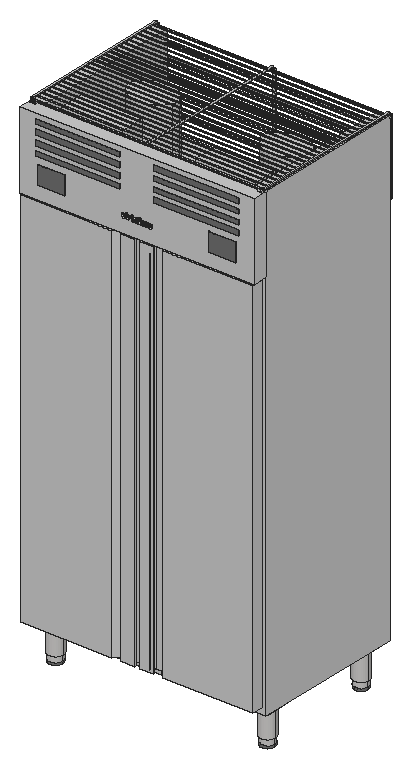
Revit family "QF_INFRICO_AGN602MX_250814110024", category Specialty Equipment, Revit 2021
Family settings
  Round Connector Dimension = Use Diameter
  Part Type = Normal
  OmniClass Number = 23.40.40.14
  OmniClass Title = Food Service Equipment
  Work Plane-Based = No
  Always vertical = Yes
  Cut with Voids When Loaded = No
  Shared = No
  Room Calculation Point = No
Parameters (values of type "AGN602MX")
  Weight [instance] = 0.00 kg
  Waste Water Discharge Temperature [instance] = 0 °C
  Waste Remarks [instance] = ""
  Warranty Start Date [instance] = ""
  Warranty Duration [instance] = ""
  Volts [instance] = 230 V
  Volt Free Conn [instance] = no
  URL Recommended Spares List [instance] = ""
  URL Manufacturer [instance] = ""
  URL Cutsheet [instance] = ""
  URL Critical Spares List [instance] = ""
  URL = "www.infrico.com"
  Technical Documentation [instance] = ""
  Tag Number [instance] = ""
  Status [instance] = ""
  Start Up Current [instance] = 0 A
  Specification by User [instance] = ""
  Specification by Manufacturer [instance] = ""
  Sound Level [instance] = ""
  Show Logo [instance] = yes
  Show Clearances [instance] = yes
  Service Life Duration [instance] = ""
  Serial Number [instance] = ""
  Seismic Rating [instance] = ""
  SMACNA No [instance] = ""
  Revision Code [instance] = ""
  Revision [instance] = ""
  Production Year [instance] = ""
  Potential Equalisation [instance] = no
  Point Load [instance] = 0
  Plumbing Connection Type [instance] = ""
  Phase [instance] = 1
  Other Equipment Approvals [instance] = ""
  Operational Current [instance] = 0 A
  Number of Poles [instance] = 2
  No Load Power Draw [instance] = no
  NAFEM Spec ID Number [instance] = ""
  Model Warning [instance] = ""
  Model = "AGN602MX"
  Min Ckt Ampacity [instance] = 0 A
  Max Overcurrent Protection [instance] = 0 A
  Masterspec [instance] = ""
  Manufacturer = "INFRICO"
  Main switch integrated [instance] = no
  Length Actual [instance] = 974 mm
  Item Number [instance] = ""
  Installed By [instance] = ""
  Installation Date [instance] = ""
  Indirect Waste Size [instance] = 19.05 mm
  Indirect Waste Remarks [instance] = ""
  Indirect Waste Flow [instance] = 0.0 L/s
  Indirect Waste Connection Type [instance] = ""
  Indirect Waste Connection Height [instance] = 0 mm
  Identify Quantity as Lot [instance] = no
  ID [instance] = ""
  Hygiene Approval [instance] = ""
  Height Actual [instance] = 2100 mm
  HP power [instance] = ""
  Furnished By [instance] = ""
  Foodservice Equipment Identifier [instance] = no
  FL Amps [instance] = 0 A
  Electrical Remarks [instance] = ""
  Electric power [instance] = 680 W
  Electric Connection Type [instance] = ""
  Elec Conn RI Height [instance] = 0 mm
  Elec Conn Connection Height [instance] = 0 mm
  ETL Approved [instance] = no
  Direct Waste Water Discharge Temperature [instance] = -273.15 °C
  Direct Waste Size [instance] = 19.05 mm
  Direct Waste RI Height [instance] = 0 mm
  Direct Waste Flow [instance] = 0.0 L/s
  Direct Waste Connection Height [instance] = 0 mm
  Description = "GN 1/1 REFRIGERATOR AND FREEZER REACH IN 300/600 - TWO DOORS - R134A-R290"
  Depth Actual [instance] = 695 mm
  Default Elevation = 0 mm
  Cycle [instance] = 50 Hz
  Cost = 0
  Connection to energy optimisation system [instance] = yes
  Conn Plug [instance] = ""
  Conn Conduit [instance] = no
  Centralized building control system with digital interface [instance] = ""
  CSI MasterFormat [instance] = ""
  CE Approved [instance] = no
  Barcode [instance] = 0
  Author [instance] = ""
  Asset Identifier [instance] = ""
  Apparent Power [instance] = 680 VA
  Accessory [instance] = no
Reference planes
  plane 1 "Center (Front/Back)": y = 0
  plane 2: z = 0
  plane 3 "Center (Left/Right)": x = 0
Forms (mm)
  Extrusion 1, solid, not visible
    sketch origin (487.024, -93.905, 152.007) x (1, 0, 0) y (0, 1, 0)
      loop
        line (-2, 2) -> (-2, -2) -> (2, -2) -> (2, 2) -> (-2, 2)
    from -2 to 2
  Extrusion 2, solid, not visible
    sketch origin (100.005, -89.004, 1770.086) x (1, 0, 0) y (0, 1, 0)
      loop
        line (-2, 2) -> (-2, -2) -> (2, -2) -> (2, 2) -> (-2, 2)
    from -2 to 2
Dimensions and locks
  locked: nested 2 to Extrusion 1 at 2  (x2)
  locked: Extrusion 2 to nested 3
  locked: nested 3 to Extrusion 2 at 2
  aligned and locked: level to plane 2
Nested families
  nested 1: "QF_INFRICO_AGN602MX_2920" at (0, 0, 150), type "AGN602MX"
    with Weight 0.00 kg, Warranty Start Date "", Warranty Duration "", URL Cutsheet "", Technical Documentation "", Tag Number "", Status "", Specification by User "", Specification by Manufacturer "", Sound Level "", Solid Fuel Type "", Show Logo yes, Show Clearances yes, Show Clearance yes, Service Life Duration "", Serial Number "", Seismic Rating "", SMACNA No "", Revision Code "", Revision "", Production Year "", Point Load 0, Other Equipment Approvals "", NAFEM Spec ID Number "", Model Warning "", Masterspec "", Length Actual 974 mm, Item Number "", Installed By "", Installation Date "", Identify Quantity as Lot yes, ID "", Hygiene Approval "", Height Actual 2100 mm, Furnished By "", Foodservice Equipment Identifier yes, ETL Approved yes, Depth Actual 695 mm, CSI MasterFormat "", CE Approved no, Barcode "", Author "", Asset Identifier "", Accessory no
  nested 2: "CONN_POINT_DRAIN_2D___Generic_Annotation" at (487.024, -93.905, 150.007), type "CONN_POINT_DRAIN_2D___Generic_Annotation"
    with Onboard connection annotation symbol visibility yes
  nested 3: "CONN_POINT_ELE_2D___Generic_Annotation" at (100.005, -87.004, 1770.086), type "CONN_POINT_ELE_2D___Generic_Annotation"
    with Onboard connection annotation symbol visibility yes
  nested 4: "QF_INFRICO_LEGS_REACH_INS_4682" at (0, 0, 0), type "LEGS_974_640"
    with Weight 0.00 kg, Warranty Start Date "", Warranty Duration "", URL Cutsheet "", Technical Documentation "", Tag Number "", Status "", Specification by User "", Specification by Manufacturer "", Sound Level "", Solid Fuel Type "", Show Logo yes, Show Clearances yes, Service Life Duration "", Serial Number "", Seismic Rating "", SMACNA No "", Revision Code "", Revision "", Production Year "", Point Load 0, Other Equipment Approvals "", NAFEM Spec ID Number "", Model Warning "", Masterspec "", Length Actual 974 mm, Item Number "", Installed By "", Installation Date "", Identify Quantity as Lot yes, ID "", Hygiene Approval "", Height Actual 150 mm, Furnished By "", Foodservice Equipment Identifier yes, ETL Approved yes, Depth Actual 640 mm, CSI MasterFormat "", CE Approved no, Barcode "", Author "", Asset Identifier "", Accessory yes
Connectors
  piping at (487.024, -93.905, 150.007), diameter 19.05, driven by "Indirect Waste Size", driven by "Direct Waste Flow"
    settings: on Extrusion 1, index 1, connector inside diameter 609.6 mm, connector length 0 mm, flow factor 0, pipe flow 0.0 L/s, pressure drop 0.0 Pa, fitting loss kfactor 0, connector angle 0.00°, fixture units 0, engagement length 0 mm, angle of deflection 0.00°, flow configuration 1, flow direction 2, fitting loss method 0, system type 16, joint type 0, gender type 0, connector reference index -1, connector utility 0, adjustable connector no, is connector primary yes, connector description "Waste connection for AGN602MX"
  electrical at (100.005, -87.004, 1770.086), driven by "Apparent Power", driven by "Number of Poles", driven by "Volts"
    settings: on Extrusion 2, index 2, voltage 230 V, apparent load 0 VA, apparent load phase1 680 VA, apparent load phase2 0 VA, apparent load phase3 0 VA, power factor 1, load classification "Other", number of poles 2, system type 31, power factor state 1, is connector primary yes, connector utility no, sub classification motor no, connector description "Electrical connection for AGN602MX"
Definition of nested family "QF_INFRICO_AGN602MX_2920"
  Parameters (values of type "AGN602MX")
    Weight [instance] = 0.00 kg
    Warranty Start Date [instance] = ""
    Warranty Duration [instance] = ""
    URL Cutsheet [instance] = ""
    URL = "www.infrico.com"
    Technical Documentation [instance] = ""
    Tag Number [instance] = ""
    Status [instance] = ""
    Specification by User [instance] = ""
    Specification by Manufacturer [instance] = ""
    Sound Level [instance] = ""
    Solid Fuel Type [instance] = ""
    Show Logo [instance] = yes
    Show Clearances [instance] = yes
    Show Clearance [instance] = yes
    Service Life Duration [instance] = ""
    Serial Number [instance] = ""
    Seismic Rating [instance] = ""
    SMACNA No [instance] = ""
    Revision Code [instance] = ""
    Revision [instance] = ""
    Production Year [instance] = ""
    Point Load [instance] = 0
    Other Equipment Approvals [instance] = ""
    NAFEM Spec ID Number [instance] = ""
    Model Warning [instance] = ""
    Model = "AGN602MX"
    Masterspec [instance] = ""
    Manufacturer = "INFRICO"
    Length Actual [instance] = 0 mm
    Item Number [instance] = ""
    Installed By [instance] = ""
    Installation Date [instance] = ""
    Identify Quantity as Lot [instance] = yes
    ID [instance] = ""
    Hygiene Approval [instance] = ""
    Height Actual [instance] = 0 mm
    Furnished By [instance] = ""
    Foodservice Equipment Identifier [instance] = yes
    ETL Approved [instance] = yes
    Description = "GN 1/1 REFRIGERATOR AND FREEZER REACH IN 300/600 - TWO DOORS - R134A-R290 REFRIGERANT"
    Depth Actual [instance] = 0 mm
    Default Elevation = 0 mm
    CSI MasterFormat [instance] = ""
    CE Approved [instance] = yes
    Barcode [instance] = ""
    Author [instance] = ""
    Asset Identifier [instance] = ""
    Assembly Code = "E1090320"
    Accessory [instance] = yes
  Reference planes
    plane 1 "Back": y = 0
    plane 2: z = 0
    plane 3 "Left": x = 0
    plane 4 "Right": x = 974
    plane 5 "Front": y = -700
    plane 6 "Top": z = 1950
  Forms (mm)
    Extrusion 1, solid
      sketch origin (0, 16, -334) x (0, 1, 0) y (0, 0, 1)
        loop
          line (-16, 334) -> (-16, 1597) -> (-656, 1597) -> (-656, 334) -> (-16, 334)
      from 50 to 924
    Extrusion 2, solid
      sketch origin (0, -95, 1700) x (1, 0, 0) y (0, 1, 0)
        loop
          line (0, -545) -> (0, -605) -> (974, -605) -> (974, -545) -> (971.5, -545) -> (971.5, -558) -> (949, -558) -> (949, -545) -> (25, -545) -> (25, -558) -> (2.5, -558) -> (2.5, -545) -> (0, -545)
      from -68 to 250
    Extrusion 3, solid, visible <- "Show Logo"
      sketch origin (-1126.614, -699, 992.462) x (1, 0, 0) y (0, 0, 1)
        loop
          line (1596.972, 696.53) -> (1596.972, 719.204) -> (1592.346, 719.204) -> (1592.346, 696.53) -> (1596.972, 696.53)
        loop
          line (1602.951, 713.006) -> (1599.456, 713.006) -> (1599.456, 696.53) -> (1603.945, 696.53) -> (1603.945, 707.832)
          arc (1603.945, 707.832) -> (1605.7, 708.741) -> (1607.59, 709.324) r 11.052
          arc (1607.59, 709.324) -> (1609.101, 708.961) -> (1609.771, 707.557) r 1.806
          line (1609.771, 707.557) -> (1609.771, 696.53) -> (1614.294, 696.53) -> (1614.294, 708.689)
          arc (1614.294, 708.689) -> (1612.81, 712.075) -> (1609.314, 713.281) r 4.607
          arc (1609.314, 713.281) -> (1606.455, 712.674) -> (1603.842, 711.361) r 11.435
          line (1603.842, 711.361) -> (1603.774, 712.184)
          arc (1603.774, 712.184) -> (1603.533, 712.765) -> (1602.951, 713.006) r 0.822
        loop
          line (1626.73, 720.102) -> (1625.478, 720.102)
          arc (1625.478, 720.102) -> (1623.225, 719.926) -> (1621.053, 719.297) r 11.103
          arc (1621.053, 719.297) -> (1618.978, 717.616) -> (1618.197, 715.062) r 4.567
          line (1618.197, 715.062) -> (1618.197, 712.909) -> (1615.524, 712.703) -> (1615.524, 709.374) -> (1618.197, 709.374) -> (1618.197, 696.53) -> (1622.72, 696.53) -> (1622.72, 709.374) -> (1626.421, 709.374) -> (1626.421, 712.938) -> (1622.72, 712.938) -> (1622.72, 714.548)
          arc (1622.72, 714.548) -> (1623.129, 715.705) -> (1624.218, 716.271) r 1.67
          line (1624.218, 716.271) -> (1625.873, 716.399)
          arc (1625.873, 716.399) -> (1626.479, 716.65) -> (1626.73, 717.255) r 0.857
          line (1626.73, 717.255) -> (1626.73, 720.102)
        loop
          line (1627.651, 713.006) -> (1627.651, 696.53) -> (1632.141, 696.53) -> (1632.141, 707.352)
          arc (1632.141, 707.352) -> (1634.046, 708.631) -> (1636.25, 709.268) r 7.435
          line (1636.25, 709.268) -> (1637.414, 709.416)
          arc (1637.414, 709.416) -> (1637.816, 709.758) -> (1637.966, 710.265) r 0.928
          line (1637.966, 710.265) -> (1637.966, 712.458)
          arc (1637.966, 712.458) -> (1637.704, 713.061) -> (1637.085, 713.28) r 0.824
          arc (1637.085, 713.28) -> (1634.37, 712.588) -> (1632.072, 710.984) r 7.833
          line (1632.072, 710.984) -> (1631.899, 713.006) -> (1627.651, 713.006)
        loop
          line (1643.668, 696.53) -> (1643.668, 713.006) -> (1639.179, 713.006) -> (1639.179, 696.53) -> (1643.668, 696.53)
        loop
          arc (1645.594, 701.327) -> (1646.74, 698.188) -> (1649.639, 696.525) r 4.873
          arc (1649.639, 696.525) -> (1652.666, 696.266) -> (1655.694, 696.525) r 17.816
          arc (1655.694, 696.525) -> (1658.747, 699.134) -> (1659.678, 703.041) r 6.481
          line (1659.678, 703.041) -> (1655.36, 703.041) -> (1655.36, 701.67)
          arc (1655.36, 701.67) -> (1654.813, 700.452) -> (1653.615, 699.865) r 1.965
          arc (1653.615, 699.865) -> (1652.72, 699.816) -> (1651.826, 699.865) r 8.196
          arc (1651.826, 699.865) -> (1650.59, 700.415) -> (1650.083, 701.67) r 1.806
          line (1650.083, 701.67) -> (1650.083, 707.9)
          arc (1650.083, 707.9) -> (1650.59, 709.155) -> (1651.826, 709.705) r 1.806
          arc (1651.826, 709.705) -> (1652.72, 709.754) -> (1653.615, 709.705) r 8.196
          arc (1653.615, 709.705) -> (1654.813, 709.118) -> (1655.36, 707.9) r 1.965
          line (1655.36, 707.9) -> (1655.36, 706.838) -> (1659.678, 706.838)
          arc (1659.678, 706.838) -> (1658.696, 710.556) -> (1655.694, 712.959) r 6.132
          arc (1655.694, 712.959) -> (1652.666, 713.294) -> (1649.639, 712.959) r 13.851
          arc (1649.639, 712.959) -> (1646.743, 711.349) -> (1645.594, 708.243) r 4.772
          line (1645.594, 708.243) -> (1645.594, 701.327)
        loop
          arc (1661.089, 701.329) -> (1662.165, 698.345) -> (1664.899, 696.734) r 4.676
          arc (1664.899, 696.734) -> (1666.688, 696.455) -> (1668.491, 696.291) r 28.371
          arc (1668.491, 696.291) -> (1670.295, 696.455) -> (1672.084, 696.734) r 28.371
          arc (1672.084, 696.734) -> (1674.817, 698.345) -> (1675.893, 701.329) r 4.676
          line (1675.893, 701.329) -> (1675.893, 708.242)
          arc (1675.893, 708.242) -> (1674.817, 711.226) -> (1672.084, 712.837) r 4.676
          arc (1672.084, 712.837) -> (1670.295, 713.116) -> (1668.491, 713.28) r 28.371
          arc (1668.491, 713.28) -> (1666.688, 713.116) -> (1664.899, 712.837) r 28.371
          arc (1664.899, 712.837) -> (1662.165, 711.226) -> (1661.089, 708.242) r 4.676
          line (1661.089, 708.242) -> (1661.089, 701.329)
        loop
          line (1665.578, 707.866) -> (1665.578, 701.705)
          arc (1665.578, 701.705) -> (1666.017, 700.556) -> (1667.109, 699.991) r 1.725
          arc (1667.109, 699.991) -> (1667.799, 699.918) -> (1668.491, 699.856) r 46.133
          arc (1668.491, 699.856) -> (1669.183, 699.918) -> (1669.874, 699.991) r 46.133
          arc (1669.874, 699.991) -> (1670.966, 700.556) -> (1671.404, 701.705) r 1.725
          line (1671.404, 701.705) -> (1671.404, 707.866)
          arc (1671.404, 707.866) -> (1670.966, 709.015) -> (1669.874, 709.58) r 1.725
          arc (1669.874, 709.58) -> (1669.183, 709.653) -> (1668.491, 709.716) r 46.133
          arc (1668.491, 709.716) -> (1667.799, 709.653) -> (1667.109, 709.58) r 46.133
          arc (1667.109, 709.58) -> (1666.017, 709.015) -> (1665.578, 707.866) r 1.725
        loop
          arc (1578.512, 696.543) -> (1579.584, 696.987) -> (1580.028, 698.059) r 1.516
          line (1580.028, 698.059) -> (1580.028, 703.891) -> (1584.208, 703.891)
          arc (1584.208, 703.891) -> (1584.962, 704.121) -> (1585.391, 704.782) r 1.147
          line (1585.391, 704.782) -> (1585.391, 706.211)
          arc (1585.391, 706.211) -> (1584.96, 707.258) -> (1583.892, 707.634) r 1.385
          line (1583.892, 707.634) -> (1582.693, 707.634) -> (1585.391, 710.332)
          arc (1585.391, 710.332) -> (1585.778, 711.266) -> (1585.391, 712.2) r 1.321
          line (1585.391, 712.2) -> (1584.668, 712.923)
          arc (1584.668, 712.923) -> (1583.713, 713.338) -> (1582.731, 712.991) r 1.422
          line (1582.731, 712.991) -> (1580.026, 710.286) -> (1580.026, 711.479)
          arc (1580.026, 711.479) -> (1579.616, 712.516) -> (1578.608, 712.992) r 1.516
          line (1578.608, 712.992) -> (1577.687, 712.992)
          arc (1577.687, 712.992) -> (1576.683, 712.514) -> (1576.276, 711.479) r 1.516
          line (1576.276, 711.479) -> (1576.276, 706.83) -> (1570.246, 701.336) -> (1570.246, 707.509) -> (1573.812, 711.075)
          arc (1573.812, 711.075) -> (1574.226, 712.073) -> (1573.812, 713.071) r 1.412
          line (1573.812, 713.071) -> (1573.16, 713.723)
          arc (1573.16, 713.723) -> (1572.112, 714.141) -> (1571.088, 713.667) r 1.428
          line (1571.088, 713.667) -> (1570.246, 712.825) -> (1570.246, 717.784)
          arc (1570.246, 717.784) -> (1569.831, 718.787) -> (1568.828, 719.203) r 1.418
          line (1568.828, 719.203) -> (1567.899, 719.203)
          arc (1567.899, 719.203) -> (1566.896, 718.787) -> (1566.481, 717.784) r 1.418
          line (1566.481, 717.784) -> (1566.481, 712.825) -> (1565.639, 713.667)
          arc (1565.639, 713.667) -> (1564.615, 714.141) -> (1563.567, 713.723) r 1.428
          line (1563.567, 713.723) -> (1562.915, 713.071)
          arc (1562.915, 713.071) -> (1562.501, 712.073) -> (1562.915, 711.075) r 1.412
          line (1562.915, 711.075) -> (1566.481, 707.509) -> (1566.481, 701.336) -> (1560.451, 706.83) -> (1560.451, 711.479)
          arc (1560.451, 711.479) -> (1560.043, 712.514) -> (1559.04, 712.992) r 1.516
          line (1559.04, 712.992) -> (1558.119, 712.992)
          arc (1558.119, 712.992) -> (1557.111, 712.516) -> (1556.701, 711.479) r 1.516
          line (1556.701, 711.479) -> (1556.701, 710.286) -> (1553.995, 712.991)
          arc (1553.995, 712.991) -> (1553.014, 713.338) -> (1552.059, 712.923) r 1.422
          line (1552.059, 712.923) -> (1551.336, 712.2)
          arc (1551.336, 712.2) -> (1550.949, 711.266) -> (1551.336, 710.332) r 1.321
          line (1551.336, 710.332) -> (1554.034, 707.634) -> (1552.835, 707.634)
          arc (1552.835, 707.634) -> (1551.767, 707.258) -> (1551.336, 706.211) r 1.385
          line (1551.336, 706.211) -> (1551.336, 704.782)
          arc (1551.336, 704.782) -> (1551.764, 704.121) -> (1552.519, 703.891) r 1.147
          line (1552.519, 703.891) -> (1556.698, 703.891) -> (1556.698, 698.059)
          arc (1556.698, 698.059) -> (1557.142, 696.987) -> (1558.215, 696.543) r 1.516
          line (1558.215, 696.543) -> (1578.512, 696.543)
      from 0 to 2
    Extrusion 4, solid
      sketch origin (-383.87, -3.77, 1109.561) x (1, 0, 0) y (0, 0, 1)
        loop
          line (1169.616, 654.3) -> (1169.616, 577.9) -> (1281.216, 577.9) -> (1281.216, 654.3) -> (1169.616, 654.3)
      from 696.23 to 698.23
    Extrusion 5, solid
      sketch origin (0, 16, -10) x (1, 0, 0) y (0, 1, 0)
        loop
          line (0, -656) -> (50, -656) -> (50, -16) -> (0, -16) -> (0, -656)
        loop
          line (924, -16) -> (924, -656) -> (974, -656) -> (974, -16) -> (924, -16)
      from 10 to 1960
    Extrusion 6, solid
      sketch origin (0, 16, 38) x (0, 1, 0) y (0, 0, 1)
        loop
          line (-656, 1225) -> (-50, 1225) -> (-103.033, 1278.033) -> (-103.033, 1600) -> (-603, 1600) -> (-656, 1653) -> (-656, 1225)
      from 50 to 924
    Extrusion 7, solid
      sketch origin (638.982, 229.891, 1638) x (0.866025, -0.5, 0) y (0.5, 0.866025, 0)
        loop
          line (358.028, -621.086) -> (408.028, -707.689) -> (624.534, -582.689) -> (574.534, -496.086) -> (358.028, -621.086)
      from 0 to 292
    Extrusion 8, solid
      sketch origin (633.982, 221.23, 1659) x (0.866025, -0.5, 0) y (0.5, 0.866025, 0)
        loop
          line (407.8, -507.295) -> (427.8, -541.936) -> (479.762, -511.936) -> (459.762, -477.295) -> (407.8, -507.295)
      from 103.4 to 153.4
    Extrusion 9, solid
      sketch origin (1349.586, -118.671, 1638) x (0, -1, 0) y (1, 0, 0)
        loop
          arc (131.329, -491.086) -> (74.329, -586.086) -> (131.329, -681.086) r 107.667
          arc (131.329, -681.086) -> (151.329, -686.086) -> (171.329, -681.086) r 42.5
          arc (171.329, -681.086) -> (228.329, -586.086) -> (171.329, -491.086) r 107.667
          arc (171.329, -491.086) -> (151.329, -486.086) -> (131.329, -491.086) r 42.5
      from 0 to 250
    Extrusion 10, solid
      sketch origin (0, 16, 33) x (0, 1, 0) y (0, 0, 1)
        loop
          circle (-656, 1921) r 4
        loop
          circle (-630, 1923) r 2
        loop
          circle (-605, 1923) r 2
        loop
          circle (-580, 1923) r 2
        loop
          circle (-555, 1923) r 2
        loop
          circle (-530, 1923) r 2
        loop
          circle (-505, 1923) r 2
        loop
          circle (-480, 1923) r 2
        loop
          circle (-455, 1923) r 2
        loop
          circle (-430, 1923) r 2
        loop
          circle (-405, 1923) r 2
        loop
          circle (-380, 1923) r 2
        loop
          circle (-355, 1923) r 2
        loop
          circle (-330, 1923) r 2
        loop
          circle (-305, 1923) r 2
        loop
          circle (-280, 1923) r 2
        loop
          circle (-255, 1923) r 2
        loop
          circle (-230, 1923) r 2
        loop
          circle (-205, 1923) r 2
        loop
          circle (-155, 1923) r 2
        loop
          circle (-130, 1923) r 2
        loop
          circle (-105, 1923) r 2
        loop
          circle (-80, 1923) r 2
        loop
          circle (-55, 1923) r 2
        loop
          circle (-180, 1923) r 2
        loop
          circle (-30, 1923) r 2
      from 0 to 974
    Extrusion 11, solid
      sketch origin (0, 16, 33) x (1, 0, 0) y (0, 0, 1)
        loop
          circle (4, 1929) r 4
        loop
          circle (970, 1929) r 4
        loop
          circle (487, 1929) r 4
      from 16 to 660
    Extrusion 12, solid
      sketch origin (0, -1917, 1290) x (0, 0, -1) y (0, 1, 0)
        loop
          circle (-656, 1921) r 4
        loop
          circle (-630, 1923) r 2
        loop
          circle (-605, 1923) r 2
        loop
          circle (-580, 1923) r 2
        loop
          circle (-555, 1923) r 2
        loop
          circle (-530, 1923) r 2
        loop
          circle (-505, 1923) r 2
        loop
          circle (-480, 1923) r 2
        loop
          circle (-455, 1923) r 2
        loop
          circle (-430, 1923) r 2
        loop
          circle (-405, 1923) r 2
        loop
          circle (-380, 1923) r 2
        loop
          circle (-355, 1923) r 2
      from 0 to 974
    Extrusion 13, solid
      sketch origin (0, -1917, 1290) x (1, 0, 0) y (0, 1, 0)
        loop
          circle (4, 1929) r 4
        loop
          circle (969, 1929) r 4
        loop
          circle (487, 1929) r 4
      from 348 to 660
    Extrusion 14, solid
      sketch origin (500, -698.1, -10) x (1, 0, 0) y (0, 0, 1)
        loop
          line (-434.5, 1940) -> (-434.5, 1920) -> (-84.5, 1920) -> (-84.5, 1940) -> (-434.5, 1940)
        loop
          line (-434.5, 1900) -> (-434.5, 1880) -> (-84.5, 1880) -> (-84.5, 1900) -> (-434.5, 1900)
        loop
          line (-434.5, 1860) -> (-434.5, 1840) -> (-84.5, 1840) -> (-84.5, 1860) -> (-434.5, 1860)
        loop
          line (-434.5, 1820) -> (-434.5, 1800) -> (-84.5, 1800) -> (-84.5, 1820) -> (-434.5, 1820)
      from 0 to 2
    Extrusion 15, solid
      sketch origin (950.5, -77, 38) x (0, 1, 0) y (0, 0, 1)
        loop
          line (-567, 1911) -> (-563, 1911) -> (-563, 1914.5)
          arc (-563, 1914.5) -> (-564.062, 1917.463) -> (-565.924, 1920) r 10.917
          line (-565.924, 1920) -> (-573.076, 1920)
          arc (-573.076, 1920) -> (-574.938, 1917.463) -> (-576, 1914.5) r 10.917
          line (-576, 1914.5) -> (-576, 1911) -> (-572, 1911) -> (-572, 1914.5)
          arc (-572, 1914.5) -> (-569.5, 1917) -> (-567, 1914.5) r 2.5
          line (-567, 1914.5) -> (-567, 1911)
      from 0 to 17.5
    Extrusion 16, solid
      sketch origin (947.5, -77, 38) x (0, 1, 0) y (0, 0, 1)
        loop
          arc (-567.161, 1915.382) -> (-569.948, 1916.96) -> (-572, 1914.5) r 2.5
          line (-572, 1914.5) -> (-571.49, 1908.671) -> (-564.851, 1909.252) -> (-567.161, 1915.382)
      from 0.5 to 3
    Extrusion 17, solid
      sketch origin (967.5, -77, 38) x (0, 1, 0) y (0, 0, 1)
        loop
          arc (-567.161, 1915.382) -> (-569.948, 1916.96) -> (-572, 1914.5) r 2.5
          line (-572, 1914.5) -> (-571.49, 1908.671) -> (-564.851, 1909.252) -> (-567.161, 1915.382)
      from 0.5 to 3
    Extrusion 18, solid
      sketch origin (5, -77, 38) x (0, 1, 0) y (0, 0, 1)
        loop
          line (-567, 1911) -> (-563, 1911) -> (-563, 1914.5)
          arc (-563, 1914.5) -> (-564.062, 1917.463) -> (-565.924, 1920) r 10.917
          line (-565.924, 1920) -> (-573.076, 1920)
          arc (-573.076, 1920) -> (-574.938, 1917.463) -> (-576, 1914.5) r 10.917
          line (-576, 1914.5) -> (-576, 1911) -> (-572, 1911) -> (-572, 1914.5)
          arc (-572, 1914.5) -> (-569.5, 1917) -> (-567, 1914.5) r 2.5
          line (-567, 1914.5) -> (-567, 1911)
      from 0 to 17.5
    Extrusion 19, solid
      sketch origin (2, -77, 38) x (0, 1, 0) y (0, 0, 1)
        loop
          arc (-567.161, 1915.382) -> (-569.948, 1916.96) -> (-572, 1914.5) r 2.5
          line (-572, 1914.5) -> (-571.49, 1908.671) -> (-564.851, 1909.252) -> (-567.161, 1915.382)
      from 0.5 to 3
    Extrusion 20, solid
      sketch origin (22, -77, 38) x (0, 1, 0) y (0, 0, 1)
        loop
          arc (-567.161, 1915.382) -> (-569.948, 1916.96) -> (-572, 1914.5) r 2.5
          line (-572, 1914.5) -> (-571.49, 1908.671) -> (-564.851, 1909.252) -> (-567.161, 1915.382)
      from 0.5 to 3
    Extrusion 21, solid
      sketch origin (492, 0, 0) x (1, 0, 0) y (0, 0, 1)
        loop
          circle (271.5, 1787) r 90
      from 462 to 487
    Extrusion 22, solid
      sketch origin (246.5, 0, 0) x (1, 0, 0) y (0, 1, 0)
        loop
          circle (240.5, -93.4) r 9.525
      from -10 to 0
    Extrusion 23, solid
      sketch origin (100, -87.033, 1620) x (1, 0, 0) y (0, 0, -1)
        loop
          circle (0, 0) r 5
      from 0 to 10
    Extrusion 24, solid
      sketch origin (992, -698.1, -10) x (1, 0, 0) y (0, 0, 1)
        loop
          line (-434.5, 1940) -> (-434.5, 1920) -> (-84.5, 1920) -> (-84.5, 1940) -> (-434.5, 1940)
        loop
          line (-434.5, 1900) -> (-434.5, 1880) -> (-84.5, 1880) -> (-84.5, 1900) -> (-434.5, 1900)
        loop
          line (-434.5, 1860) -> (-434.5, 1840) -> (-84.5, 1840) -> (-84.5, 1860) -> (-434.5, 1860)
        loop
          line (-434.5, 1820) -> (-434.5, 1800) -> (-84.5, 1800) -> (-84.5, 1820) -> (-434.5, 1820)
      from 0 to 2
    Extrusion 25, solid
      sketch origin (2991.326, -1.98, 708.39) x (-1, 0, 0) y (0, -1, 0)
        loop
          line (2610.426, 698.02) -> (2580.356, 667.95) -> (2557.604, 667.95) -> (2546.663, 670.881)
          arc (2546.663, 670.881) -> (2545.582, 671.631) -> (2545.222, 672.896) r 1.95
          line (2545.222, 672.896) -> (2545.566, 682.741)
          arc (2545.566, 682.741) -> (2545.774, 683.563) -> (2546.304, 684.224) r 2.001
          line (2546.304, 684.224) -> (2571.566, 694.947) -> (2571.566, 698.02) -> (2514.326, 698.02) -> (2514.326, 690.261) -> (2526.525, 683.218) -> (2521.592, 664.81) -> (2514.326, 664.81) -> (2514.326, 654.02) -> (2986.326, 654.02) -> (2986.326, 698.02) -> (2610.426, 698.02)
      from -672.39 to 915.61
    Extrusion 26, solid, detail levels coarse
      sketch origin (477, -656, 36) x (-1, 0, 0) y (0, -1, 0)
        loop
          line (472, 44) -> (472, 472) -> (428, 472)
          arc (428, 472) -> (125.358, 346.642) -> (0, 44) r 428
          line (0, 44) -> (472, 44)
      from 0 to 1588
    Extrusion 27, solid
      sketch origin (477, -409, 36) x (-1, 0, 0) y (0, 0, -1)
        loop
          line (457, -1573) -> (457, -15) -> (15, -15) -> (15, -1573) -> (457, -1573)
        loop
          line (427, -1543) -> (427, -45) -> (45, -45) -> (45, -1543) -> (427, -1543)
      from 231 to 247
    Extrusion 28, solid
      sketch origin (-2017.326, -1.98, 708.39) x (1, 0, 0) y (0, 1, 0)
        loop
          line (2610.426, -698.02) -> (2986.326, -698.02) -> (2986.326, -654.02) -> (2514.326, -654.02) -> (2514.326, -664.81) -> (2521.592, -664.81) -> (2526.525, -683.218) -> (2514.326, -690.261) -> (2514.326, -698.02) -> (2571.566, -698.02) -> (2571.566, -694.947) -> (2546.304, -684.224)
          arc (2546.304, -684.224) -> (2545.774, -683.563) -> (2545.566, -682.741) r 2.001
          line (2545.566, -682.741) -> (2545.222, -672.896)
          arc (2545.222, -672.896) -> (2545.582, -671.631) -> (2546.663, -670.881) r 1.95
          line (2546.663, -670.881) -> (2557.604, -667.95) -> (2580.356, -667.95) -> (2610.426, -698.02)
      from -672.39 to 915.61
    Extrusion 29, solid, detail levels coarse
      sketch origin (497, -656, 36) x (1, 0, 0) y (0, 1, 0)
        loop
          line (472, -44) -> (0, -44)
          arc (0, -44) -> (125.358, -346.642) -> (428, -472) r 428
          line (428, -472) -> (472, -472) -> (472, -44)
      from 0 to 1588
    Extrusion 30, solid
      sketch origin (497, -409, 36) x (1, 0, 0) y (0, 0, 1)
        loop
          line (457, 1573) -> (15, 1573) -> (15, 15) -> (457, 15) -> (457, 1573)
        loop
          line (427, 1543) -> (45, 1543) -> (45, 45) -> (427, 45) -> (427, 1543)
      from 231 to 247
    Extrusion 31, solid
      sketch origin (335.018, 229.891, 1638) x (-0.866025, -0.5, 0) y (0.5, -0.866025, 0)
        loop
          line (358.028, 621.086) -> (574.534, 496.086) -> (624.534, 582.689) -> (408.028, 707.689) -> (358.028, 621.086)
      from 0 to 292
    Extrusion 32, solid
      sketch origin (340.018, 221.23, 1659) x (-0.866025, -0.5, 0) y (0.5, -0.866025, 0)
        loop
          line (407.8, 507.295) -> (459.762, 477.295) -> (479.762, 511.936) -> (427.8, 541.936) -> (407.8, 507.295)
      from 103.4 to 153.4
    Extrusion 33, solid
      sketch origin (-375.586, -118.671, 1638) x (0, -1, 0) y (1, 0, 0)
        loop
          arc (131.329, 491.086) -> (151.329, 486.086) -> (171.329, 491.086) r 42.5
          arc (171.329, 491.086) -> (228.329, 586.086) -> (171.329, 681.086) r 107.667
          arc (171.329, 681.086) -> (151.329, 686.086) -> (131.329, 681.086) r 42.5
          arc (131.329, 681.086) -> (74.329, 586.086) -> (131.329, 491.086) r 107.667
      from 0 to 250
    Extrusion 34, solid
      sketch origin (482, 0, 0) x (-1, 0, 0) y (0, 0, -1)
        loop
          circle (271.5, -1787) r 90
      from 462 to 487
    Extrusion 35, solid
      sketch origin (1357.87, -4.97, 1109.561) x (-1, 0, 0) y (0, 0, -1)
        loop
          line (1169.616, -654.3) -> (1281.216, -654.3) -> (1281.216, -577.9) -> (1169.616, -577.9) -> (1169.616, -654.3)
      from 695.03 to 697.03
  Cuts and joins
    joined: Extrusion 1, Extrusion 5, Extrusion 6
  Lines and regions (mm)
    symbolic lines
      curve 1: line (0, 0, 0) -> (974, 0, 0)
      curve 2: line (974, 0, 0) -> (974, -700, 0)
      curve 3: line (974, -700, 0) -> (0, -700, 0)
      curve 4: line (0, -700, 0) -> (0, 0, 0)
      curve 5: line (974, -644, 0) -> (0, -644, 0)
    symbolic lines, visible <- "Show Clearance"
      curve 6: line (5, -700, 0) -> (5, -1128, 0)
      curve 7: line (5, -1128, 0) -> (49, -1128, 0)
      curve 8: arc (49, -1128, 0) -> (351.642, -1002.642, 0) -> (477, -700, 0) r 428
      curve 9: line (969, -700, 0) -> (969, -1128, 0)
      curve 10: line (969, -1128, 0) -> (925, -1128, 0)
      curve 11: arc (925, -1128, 0) -> (622.358, -1002.642, 0) -> (497, -700, 0) r 428
      curve 12: line (925, -700, 0) -> (925, -1128, 0)
      curve 13: line (49, -700, 0) -> (49, -1128, 0)
  Dimensions and locks
    plane 6 "Top" to level = 1950 mm  (x2)
    plane 4 "Right" to plane 3 "Left" = 974 mm
    plane 1 "Back" to plane 5 "Front" = 700 mm  (x2)
    plane 3 "Left" to plane 4 "Right" = 974 mm
    aligned and locked: level to plane 2
  Connectors
    piping at (487, -93.4, -10), diameter 19.1
      settings: on Extrusion 22, index 1, connector inside diameter 609.6 mm, connector length 0 mm, flow factor 0, pipe flow 0.0 L/s, pressure drop 0.0 Pa, fitting loss kfactor 0, connector angle 0.00°, fixture units 0, engagement length 0 mm, angle of deflection 0.00°, flow configuration 1, flow direction 2, fitting loss method 0, system type 16, joint type 0, gender type 0, connector reference index -1, connector utility 0, adjustable connector no, is connector primary yes, connector description "Drain connection"
    electrical at (100, -77.033, 1620)
      settings: on Extrusion 23, index 2, voltage 0 V, apparent load 0 VA, apparent load phase1 0 VA, apparent load phase2 0 VA, apparent load phase3 0 VA, power factor 1, load classification none, number of poles 1, system type 31, power factor state 1, is connector primary yes, connector utility no, sub classification motor no, connector description "Electrical connection"
Definition of nested family "QF_INFRICO_LEGS_REACH_INS_4682"
  Parameters (values of type "LEGS_930_756")
    Weight [instance] = 0.00 kg
    Warranty Start Date [instance] = ""
    Warranty Duration [instance] = ""
    URL Cutsheet [instance] = ""
    URL = "www.infrico.com"
    Technical Documentation [instance] = ""
    Tag Number [instance] = ""
    Status [instance] = ""
    Specification by User [instance] = ""
    Specification by Manufacturer [instance] = ""
    Sound Level [instance] = ""
    Solid Fuel Type [instance] = ""
    Show Logo [instance] = yes
    Show Clearances [instance] = yes
    Service Life Duration [instance] = ""
    Serial Number [instance] = ""
    Seismic Rating [instance] = ""
    SMACNA No [instance] = ""
    Right offset = 228 mm
    Revision Code [instance] = ""
    Revision [instance] = ""
    Rear offset = 163 mm
    Production Year [instance] = ""
    Point Load [instance] = 0
    Other Equipment Approvals [instance] = ""
    NAFEM Spec ID Number [instance] = ""
    Model Warning [instance] = ""
    Model = "LEGS_930_756"
    Masterspec [instance] = ""
    Manufacturer = "INFRICO"
    Length Actual [instance] = 0 mm
    Length = 930 mm
    Left offset = 136 mm
    Item Number [instance] = ""
    Installed By [instance] = ""
    Installation Date [instance] = ""
    Identify Quantity as Lot [instance] = yes
    ID [instance] = ""
    Hygiene Approval [instance] = ""
    Height Actual [instance] = 0 mm
    Height = 150 mm
    Furnished By [instance] = ""
    Front offset = 60 mm
    Foodservice Equipment Identifier [instance] = yes
    ETL Approved [instance] = yes
    Description = "LEGS"
    Depth Actual [instance] = 0 mm
    Depth = 756 mm
    Default Elevation = 0 mm
    CentralLegs = if(Length > 2000 mm, 2 > 1, 2 < 1)  # no
    CSI MasterFormat [instance] = ""
    CE Approved [instance] = yes
    Barcode [instance] = ""
    Author [instance] = ""
    Asset Identifier [instance] = ""
    Assembly Code = "E1090320"
    Accessory [instance] = yes
  Types (32, lengths in mm): name | Right offset | Rear offset | Model | Length | Left offset | Height | Front offset | Depth | CentralLegs
    LEGS_557_720 | 47 | 88 | "LEGS_557_720" | 557 | 47 | 150 | 67 | 720 | no
    LEGS_1124_720 | 47 | 88 | "LEGS_1124_720" | 1124 | 47 | 150 | 67 | 720 | no
    LEGS_687_640 | 47 | 88 | "LEGS_687_640" | 687 | 47 | 150 | 67 | 640 | no
    LEGS_1385_640 | 47 | 88 | "LEGS_1385_640" | 1385 | 47 | 150 | 67 | 640 | no
    LEGS_2081_640 | 47 | 88 | "LEGS_2081_640" | 2081 | 47 | 150 | 67 | 640 | yes
    LEGS_800_545 | 47 | 88 | "LEGS_800_545" | 800 | 47 | 150 | 67 | 545 | no
    LEGS_482_640 | 47 | 88 | "LEGS_482_640" | 482 | 47 | 150 | 67 | 640 | no
    LEGS_974_640 | 47 | 88 | "LEGS_974_640" | 974 | 47 | 150 | 67 | 640 | no
    LEGS_687_734 | 47 | 88 | "LEGS_687_734" | 687 | 47 | 150 | 67 | 734 | no
    LEGS_1385_734 | 47 | 88 | "LEGS_1385_734" | 1385 | 47 | 150 | 67 | 734 | no
    LEGS_756_900 | 47 | 88 | "LEGS_756_900" | 756 | 47 | 150 | 67 | 900 | no
    LEGS_752_677 | 47 | 88 | "LEGS_752_677" | 752 | 47 | 150 | 67 | 677 | no
    LEGS_2081_736 | 47 | 88 | "LEGS_2081_736" | 2081 | 47 | 150 | 67 | 736 | yes
    LEGS_702_700 | 74 | 110 | "LEGS_702_700" | 702 | 74 | 150 | 63 | 700 | no
    LEGS_1227_700 | 74 | 110 | "LEGS_1227_700" | 1227 | 74 | 150 | 63 | 700 | no
    LEGS_1533_700 | 74 | 110 | "LEGS_1533_700" | 1533 | 74 | 150 | 63 | 700 | no
    LEGS_1844_700 | 74 | 110 | "LEGS_1844_700" | 1844 | 74 | 150 | 63 | 700 | no
    LEGS_1050_768 | 208 | 60 | "LEGS_1050_768" | 1050 | 160 | 150 | 60 | 768 | no
    LEGS_1710_768 | 208 | 60 | "LEGS_1710_768" | 1710 | 160 | 150 | 60 | 768 | no
    LEGS_2370_768 | 208 | 60 | "LEGS_2370_768" | 2370 | 160 | 150 | 60 | 768 | yes
    LEGS_930_756 | 228 | 163 | "LEGS_930_756" | 930 | 136 | 150 | 60 | 756 | no
    LEGS_1235_756 | 228 | 163 | "LEGS_1235_756" | 1235 | 136 | 150 | 60 | 756 | no
    LEGS_1352_756 | 228 | 163 | "LEGS_1352_756" | 1352 | 136 | 150 | 60 | 756 | no
    LEGS_1845_756 | 228 | 163 | "LEGS_1845_756" | 1845 | 136 | 150 | 60 | 756 | no
    LEGS_2464_756 | 228 | 163 | "LEGS_2464_756" | 2464 | 136 | 150 | 60 | 756 | yes
    LEGS_2809_756 | 228 | 163 | "LEGS_2809_756" | 2809 | 136 | 150 | 60 | 756 | yes
    LEGS_1384_736 | 47 | 88 | "LEGS_1384_736" | 1384 | 47 | 150 | 67 | 736 | no
    LEGS_687_740 | 47 | 88 | "LEGS_687_740" | 687 | 47 | 140 | 67 | 740 | no
    LEGS_1385_740 | 47 | 88 | "LEGS_1385_740" | 1385 | 47 | 140 | 67 | 740 | no
    LEGS_1385_740\u001f_H | 47 | 88 | "LEGS_1385_640" | 1385 | 47 | 150 | 67 | 740 | no
    LEGS_687_740_H | 47 | 88 | "LEGS_687_740_H" | 687 | 47 | 150 | 67 | 740 | no
    LEGS_1385_740_H | 47 | 88 | "LEGS_1385_740_H" | 1385 | 47 | 150 | 67 | 740 | no
  Reference planes
    plane 1 "Back": y = 0
    plane 2: z = 0
    plane 3 "Left": x = 0
    plane 4 "Right": x = 930
    plane 5 "Front": y = -756
    plane 6 "Top": z = 150
    plane 7 "Left offset": x = 136
    plane 8 "Right offset": x = 702
    plane 9 "Rear offset": y = -163
    plane 10 "Front offset": y = -696
    plane 11 "Central": x = 465
  Dimensions and locks
    "Length": plane 3 "Left" to plane 4 "Right"
    "Depth": plane 5 "Front" to plane 1 "Back"
    "Left offset": plane 3 "Left" to plane 7 "Left offset"
    "Right offset": plane 8 "Right offset" to plane 4 "Right"
    "Rear offset": plane 9 "Rear offset" to plane 1 "Back"
    "Front offset": plane 10 "Front offset" to plane 5 "Front"
    "Height": plane 6 "Top" to plane 2
    equal spacing: plane 3 "Left", plane 11 "Central", plane 4 "Right"
    aligned and locked: level to plane 2
    aligned and locked: nested 1 to plane 9 "Rear offset"
    aligned and locked: nested 2 to plane 9 "Rear offset"
    aligned and locked: nested 1 to plane 7 "Left offset"
    aligned and locked: nested 2 to plane 8 "Right offset"
    aligned and locked: nested 3 to plane 10 "Front offset"
    aligned and locked: nested 4 to plane 10 "Front offset"
    aligned and locked: nested 3 to plane 7 "Left offset"
    aligned and locked: nested 4 to plane 8 "Right offset"
    aligned and locked: nested 6 to plane 11 "Central"
    aligned and locked: nested 5 to plane 11 "Central"
    aligned and locked: nested 6 to plane 10 "Front offset"
    aligned and locked: nested 5 to plane 9 "Rear offset"
  Nested families
    nested 1: "QF_INFRICO_LEGS" at (136, -163, 0), type "QF_INFRICO_LEGS"
      with Height 150 mm
    nested 2: "QF_INFRICO_LEGS" at (702, -163, 0), type "QF_INFRICO_LEGS"
      with Height 150 mm
    nested 3: "QF_INFRICO_LEGS" at (136, -696, 0), type "QF_INFRICO_LEGS"
      with Height 150 mm
    nested 4: "QF_INFRICO_LEGS" at (702, -696, 0), type "QF_INFRICO_LEGS"
      with Height 150 mm
    nested 5: "QF_INFRICO_LEGS" at (465, -163, 0), visible <- "CentralLegs", type "QF_INFRICO_LEGS"
      with Height 150 mm
    nested 6: "QF_INFRICO_LEGS" at (465, -696, 0), visible <- "CentralLegs", type "QF_INFRICO_LEGS"
      with Height 150 mm
  Definition of nested family "QF_INFRICO_LEGS"
    Parameters
      Height = 140 mm
      Default Elevation = 0 mm
    Reference planes
      plane 1 "Center (Front/Back)": y = 0
      plane 2: z = 0
      plane 3 "Center (Left/Right)": x = 0
      plane 4 "Top": z = 140
    Forms (mm)
      Extrusion 1, solid
        sketch origin (0, 0, 140) x (0, 1, 0) y (-1, 0, 0)
          loop
            line (50, 45) -> (-50, 45) -> (-50, -45) -> (50, -45) -> (50, 45)
        from 0 to -3
      Extrusion 2, solid
        sketch origin (-199.986, 580, 0) x (1, 0, 0) y (0, 1, 0)
          loop
            circle (199.986, -580) r 28
        from 9 to 35
      Extrusion 3, solid
        sketch origin (-199.986, 580, 0) x (1, 0, 0) y (0, 1, 0)
          loop
            circle (199.986, -580) r 28.5
        from 0 to 9
      Sweep 4, solid
        path origin (0, 0, 0) x (0, 1, 0) y (0, 0, 1)
          loop
            line (0, 137) -> (0, 35)
        profile origin (0, 0, 86) x (1, 0, 0) y (0, 1, 0)
          loop
            circle (0, 0) r 32
    Dimensions and locks
      "Height": plane 4 "Top" to plane 2
      aligned and locked: level to plane 2
    Automatic sketch dimensions
      plane 1 "Center (Front/Back)" to Extrusion 1 sketch curve = 50 mm
      Extrusion 1 sketch curve to plane 1 "Center (Front/Back)" = 50 mm
      plane 3 "Center (Left/Right)" to Extrusion 1 sketch curve = 45 mm
      Extrusion 1 sketch curve to plane 3 "Center (Left/Right)" = 45 mm
      plane 1 "Center (Front/Back)" to Extrusion 2 sketch curve = 0 mm
      Extrusion 2 sketch curve to plane 3 "Center (Left/Right)" = 0 mm
      plane 1 "Center (Front/Back)" to Extrusion 3 sketch curve = 0 mm
      Extrusion 3 sketch curve to plane 3 "Center (Left/Right)" = 0 mm
      Sweep 4 sketch curve to plane 1 "Center (Front/Back)" = 0 mm
      level to Sweep 4 sketch curve = 35 mm
      Sweep 4 sketch curve to plane 4 "Top" = 3 mm
      Sweep 4 sketch curve to plane 3 "Center (Left/Right)" = 0 mm
      profile plane to Sweep 4 sketch curve = 0 mm
      radius of Extrusion 2 sketch curve = 28 mm
      radius of Extrusion 3 sketch curve = 28.5 mm
      radius of Sweep 4 sketch curve = 32 mm
Definition of nested family "CONN_POINT_DRAIN_2D___Generic_Annotation"
  Parameters (values of type "CONN_POINT_DRAIN_2D___Generic_Annotation")
    Onboard connection annotation symbol visibility [instance] = yes
  Reference planes
    plane 1: y = 0
    plane 2: x = 0
  Lines and regions (mm)
    detail lines, visible <- "Onboard connection annotation symbol visibility"
      curve 1: circle (0, 0, 0) r 0.5 normal (0, 0, 1)
      curve 2: line (-1, 0, 0) -> (1, 0, 0)
      curve 3: line (0, 1, 0) -> (0, -1, 0)
      curve 4: line (1.776, 1, 0) -> (1.25, 1, 0)
      curve 5: line (1.25, 1, 0) -> (1.25, -1, 0)
      curve 6: line (1.25, -1, 0) -> (1.776, -1, 0)
      curve 7: arc (2.206, -0.862, 0) -> (2.459, -0.589, 0) -> (2.583, -0.238, 0) r 0.918
      curve 8: arc (2.583, 0.238, 0) -> (2.459, 0.589, 0) -> (2.206, 0.862, 0) r 0.918
      curve 9: arc (2.583, -0.238, 0) -> (2.599, 0, 0) -> (2.583, 0.238, 0) r 1.77
      curve 10: arc (2.206, 0.862, 0) -> (2.002, 0.965, 0) -> (1.776, 1, 0) r 0.741
      curve 11: arc (1.776, -1, 0) -> (2.002, -0.965, 0) -> (2.206, -0.862, 0) r 0.741
Definition of nested family "CONN_POINT_ELE_2D___Generic_Annotation"
  Parameters (values of type "CONN_POINT_ELE_2D___Generic_Annotation")
    Onboard connection annotation symbol visibility [instance] = yes
  Reference planes
    plane 1: y = 0
    plane 2: x = 0
  Lines and regions (mm)
    detail lines, visible <- "Onboard connection annotation symbol visibility"
      curve 1: circle (0, 0, 0) r 0.5 normal (0, 0, 1)
      curve 2: line (-1, 0, 0) -> (1, 0, 0)
      curve 3: line (0, 1, 0) -> (0, -1, 0)
      curve 4: line (2.5, 1, 0) -> (1.25, 1, 0)
      curve 5: line (1.25, 1, 0) -> (1.25, -1, 0)
      curve 6: line (1.25, -1, 0) -> (2.5, -1, 0)
      curve 7: line (1.25, 0, 0) -> (2, 0, 0)
